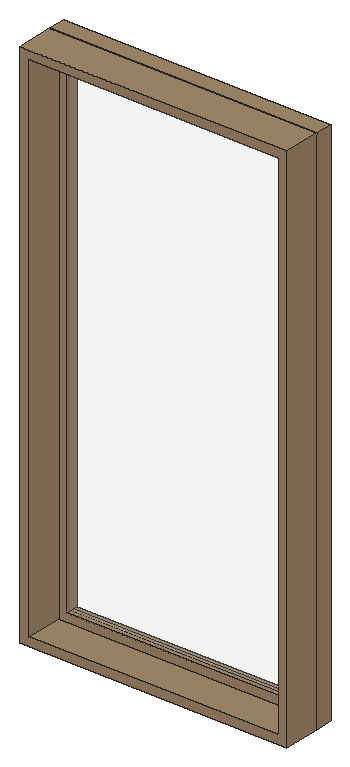
Revit family "1.00X2.00_VwWindow", category Windows, host Wall, Revit 2021
Family settings
  Host = Wall
  OmniClass Number = 23.30.20.17.11
  OmniClass Title = Fixed Windows
  Always vertical = Yes
  Cut with Voids When Loaded = No
  Shared = No
  Room Calculation Point = No
Parameters (values of type "1.00 x 2.00")
  Window Width [instance] = 1.00 m
  Window Height [instance] = 2.00 m
  Visual Light Transmittance = 0.9
  Thermal Resistance (R) = 1.53941 (h·ft²·°F)/BTU
  Solar Heat Gain Coefficient = 0.78
  Define Thermal Properties by = Schematic Type
  Construction Type Id = "GSP4R"
  Heat Transfer Coefficient (U) = 0.6496 BTU/(h·ft²·°F)
  Assembly Code = "B2020100"
  Glass Pane Material = Glass
  Height = 2.00 m
  Sash Material = Sash
  Default Sill Height = 0.9144 m
  Wall Closure = By host
  Width = 1.00 m
  Window Inset = 0.01905 m
  Analytic Construction = "1/8 in Pilkington single glazing"
Types (4, lengths in m): name | Height | Width
  1.00 x 2.00 | 2.00 | 1.00
  2 x 2 | 2.06 | 2.06
  0.53 | 2.10 | 0.53
  1 x 2 | 2.00 | 1.00
Reference planes (m)
  plane 1: y = 0
  plane 2: z = 0
  plane 3 "Center": x = -0.0381
  plane 4 "Left": x = -0.5381
  plane 5 "Right": x = 0.4619
  plane 6 "Sill": z = 0.9144
  plane 7 "Top": z = 2.9144
  plane 8: y = 0.1016
  plane 9: y = -0.1016
  plane 10: y = 0.08255
  plane 11: x = -0.51905
  plane 12: x = -0.50635
  plane 13: x = 0.44285
  plane 14: x = 0.43015
  plane 15: z = 2.89535
  plane 16: z = 2.88265
  plane 17: z = 0.94615
  plane 18 "Closure": y = 0.053975
Forms (m)
  Extrusion 1, solid, material "Sash" <- "Sash Material"
    sketch origin (0, 0, 0) x (1, 0, 0) y (0, 0, 1)
      loop
        line (-0.5381, 2.9144) -> (-0.5381, 0.9144) -> (0.4619, 0.9144) -> (0.4619, 2.9144) -> (-0.5381, 2.9144)
      loop
        line (-0.51905, 2.89535) -> (-0.51905, 0.93345) -> (0.44285, 0.93345) -> (0.44285, 2.89535) -> (-0.51905, 2.89535)
    from -0.1016 to -0.0381
  Extrusion 2, solid, material "Sash" <- "Sash Material"
    sketch origin (0, 0, 0) x (-1, 0, 0) y (0, 0, 1)
      loop
        line (-0.4619, 2.9144) -> (-0.4619, 0.9144) -> (0.5381, 0.9144) -> (0.5381, 2.9144) -> (-0.4619, 2.9144)
      loop
        line (-0.43015, 2.88265) -> (-0.43015, 0.94615) -> (0.50635, 0.94615) -> (0.50635, 2.88265) -> (-0.43015, 2.88265)
    from 0.0381 to -0.1016
  Extrusion 3, solid, material "Sash" <- "Sash Material"
    sketch origin (0, 0, 0) x (-1, 0, 0) y (0, 0, 1)
      loop
        line (-0.44285, 2.89535) -> (-0.44285, 0.93345) -> (0.51905, 0.93345) -> (0.51905, 2.89535) -> (-0.44285, 2.89535)
      loop
        line (-0.3984, 2.8509) -> (-0.3984, 0.9779) -> (0.4746, 0.9779) -> (0.4746, 2.8509) -> (-0.3984, 2.8509)
    from 0.0381 to 0.08255
  Extrusion 4, solid, material "Glass" <- "Glass Pane Material"
    sketch origin (-0.124971, 0, -0.117036) x (1, 0, 0) y (0, 0, 1)
      loop
        line (-0.349629, 2.967936) -> (-0.349629, 1.094936) -> (0.523371, 1.094936) -> (0.523371, 2.967936) -> (-0.349629, 2.967936)
    from -0.066675 to -0.053975
Lines and regions (m)
  Opening 1
    outline origin (-1.524, -0.1016, 0) x (1, 0, 0) y (0, 0, 1)
      loop
        line (0.9859, 2.9144) -> (0.9859, 0.9144) -> (1.9859, 0.9144) -> (1.9859, 2.9144) -> (0.9859, 2.9144)
  symbolic lines, style "WindowsFrameMullionProjection"
    curve 1: line (-0.5381, 0.1016, 0) -> (-0.51905, 0.1016, 0)
    curve 2: line (-0.51905, 0.0381, 0) -> (-0.51905, 0.1016, 0)
    curve 3: line (-0.51905, 0.0381, 0) -> (-0.50635, 0.0381, 0)
    curve 4: line (-0.50635, -0.1016, 0) -> (-0.50635, 0.0381, 0)
    curve 5: line (0.4619, 0.1016, 0) -> (0.44285, 0.1016, 0)
    curve 6: line (0.43015, 0.0381, 0) -> (0.43015, -0.1016, 0)
    curve 7: line (0.43015, 0.0381, 0) -> (0.44285, 0.0381, 0)
    curve 8: line (0.44285, 0.0381, 0) -> (0.44285, 0.1016, 0)
    curve 9: line (-0.51905, 0.08255, 0) -> (-0.4746, 0.08255, 0)
    curve 10: line (-0.51905, 0.08255, 0) -> (-0.51905, 0.0381, 0)
    curve 11: line (-0.51905, 0.0381, 0) -> (-0.4746, 0.0381, 0)
    curve 12: line (-0.4746, 0.08255, 0) -> (-0.4746, 0.0381, 0)
    curve 13: line (0.44285, 0.08255, 0) -> (0.3984, 0.08255, 0)
    curve 14: line (0.44285, 0.08255, 0) -> (0.44285, 0.0381, 0)
    curve 15: line (0.44285, 0.0381, 0) -> (0.3984, 0.0381, 0)
    curve 16: line (0.3984, 0.08255, 0) -> (0.3984, 0.0381, 0)
    curve 18: line (-0.50635, -0.1016, 0) -> (-0.5381, -0.1016, 0)
    curve 19: line (0.43015, -0.1016, 0) -> (0.4619, -0.1016, 0)
  symbolic lines, style "WindowsGlassProjection"
    curve 17: line (-0.4746, 0.060325, 0) -> (0.3984, 0.060325, 0)
Text (m)
  text "EXTERIOR" at (-1.437207, 1.354346, 0), in view "Floor Line"
  text "INTERIOR" at (-1.490695, -1.070518, 0), in view "Floor Line"
  text "Exterior" at (0, 1.10887, 3.415022), in view "Left"
  text "Exterior" at (0, 0.464664, 3.176206), in view "Right"
Dimensions and locks (m)
  equal spacing: plane 4 "Left", plane 3 "Center", plane 5 "Right"
  "Window Width": plane 4 "Left" to plane 5 "Right"
  plane 2 to plane 6 "Sill" to plane 16 to plane 7 "Top" = 0.9144 m, 1.96825 m, 0.03175 m
  "Window Inset": plane 8 to plane 10
  locked: plane 10 to Extrusion 3 at 0.04445
  locked: plane 10 to Extrusion 4 at 0.015875
  locked: Extrusion 4 to Extrusion 4 at 0.0127
  locked: plane 4 "Left" to plane 11 at 0.01905
  locked: plane 13 to plane 5 "Right" at 0.01905
  locked: plane 14 to plane 5 "Right" at 0.03175
  locked: plane 4 "Left" to plane 12 at 0.03175
  locked: plane 15 to plane 7 "Top" at 0.01905
  locked: plane 7 "Top" to plane 16 at 0.03175
  locked: plane 17 to plane 6 "Sill" at 0.03175
  "Window Height": plane 7 "Top" to plane 6 "Sill"
  "Default Sill Height": plane 6 "Sill" to plane 2
  locked: plane 10 to plane 18 "Closure" at 0.028575
  aligned and locked: plane 7 "Top" to Opening 1 sketch curve
  aligned and locked: plane 6 "Sill" to Opening 1 sketch curve  (x2)
  aligned and locked: plane 5 "Right" to Opening 1 sketch curve
  aligned and locked: plane 4 "Left" to Opening 1 sketch curve
  aligned and locked: plane 9 to host wall
  aligned and locked: host wall to Extrusion 2
  aligned and locked: plane 10 to Extrusion 3
  aligned and locked: plane 8 to host wall
  aligned and locked: host wall to Extrusion 1
  aligned and locked: Extrusion 2 to Extrusion 1
  aligned and locked: Extrusion 1 to Extrusion 3
  aligned and locked: Extrusion 4 sketch curve to Extrusion 3  (x4)
  aligned and locked: curve 5 to Extrusion 1  (x2)
  aligned and locked: curve 6 to Extrusion 2
  aligned and locked: curve 4 to Extrusion 2
  aligned and locked: curve 16 to Extrusion 3
  aligned and locked: Extrusion 1 to curve 11
  aligned and locked: Extrusion 1 to curve 7
Automatic sketch dimensions
  Extrusion 1 sketch curve to plane 4 "Left" = 0.00 m
  Extrusion 1 sketch curve to plane 5 "Right" = 0.00 m
  Extrusion 1 sketch curve to plane 4 "Left" = 0.01905 m
  plane 5 "Right" to Extrusion 1 sketch curve = 0.01905 m
  Extrusion 1 sketch curve to plane 6 "Sill" = 0.00 m
  Extrusion 1 sketch curve to plane 7 "Top" = 0.00 m
  Extrusion 1 sketch curve to plane 6 "Sill" = 0.01905 m
  plane 7 "Top" to Extrusion 1 sketch curve = 0.01905 m
  Extrusion 2 sketch curve to plane 5 "Right" = 0.00 m
  Extrusion 2 sketch curve to plane 4 "Left" = 0.00 m
  plane 5 "Right" to Extrusion 2 sketch curve = 0.03175 m
  Extrusion 2 sketch curve to plane 4 "Left" = 0.03175 m
  Extrusion 2 sketch curve to plane 6 "Sill" = 0.00 m
  Extrusion 2 sketch curve to plane 7 "Top" = 0.00 m
  Extrusion 2 sketch curve to plane 6 "Sill" = 0.03175 m
  plane 7 "Top" to Extrusion 2 sketch curve = 0.03175 m
  plane 5 "Right" to Extrusion 3 sketch curve = 0.01905 m
  plane 5 "Right" to Extrusion 3 sketch curve = 0.0635 m
  Extrusion 3 sketch curve to plane 4 "Left" = 0.0635 m
  Extrusion 3 sketch curve to plane 4 "Left" = 0.01905 m
  Extrusion 3 sketch curve to plane 6 "Sill" = 0.01905 m
  Extrusion 3 sketch curve to plane 6 "Sill" = 0.0635 m
  plane 7 "Top" to Extrusion 3 sketch curve = 0.0635 m
  plane 7 "Top" to Extrusion 3 sketch curve = 0.01905 m
  curve 18 to plane 4 "Left" = 0.00 m
  curve 1 to plane 4 "Left" = 0.00 m
  curve 2 to plane 8 = 0.00 m
  curve 10 to plane 10 = 0.00 m
  curve 13 to plane 10 = 0.00 m
  curve 19 to plane 5 "Right" = 0.00 m
  curve 1 to curve 2 = 0.01905 m
  curve 9 to curve 12 = 0.04445 m
  plane 5 "Right" to curve 13 = 0.01905 m
  curve 19 to plane 9 = 0.00 m
  curve 4 to plane 9 = 0.00 m
  curve 11 to curve 17 = 0.022225 m
